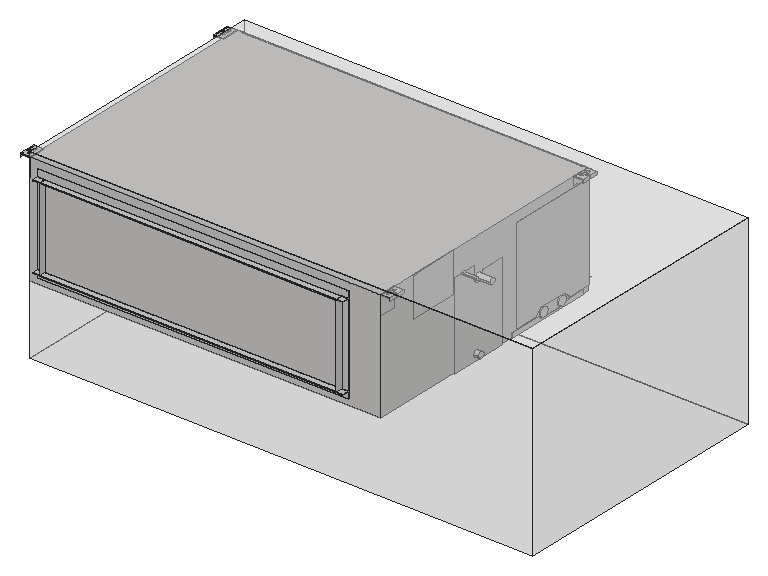
Revit family "outputfile", category 機械設備, Revit 2024
Family settings
  丸型コネクタ寸法 = 半径を使用
  パーツ タイプ = 標準
  OmniClass 番号 = 23.75.10.24.21.27.27
  OmniClass タイトル = Split System Air Conditioning Units
  作業面ベース = いいえ
  常に垂直 = はい
  ロード時にボイドで切り取り = いいえ
  注釈の向きを維持 = いいえ
  共有 = いいえ
  部屋計算ポイント = はい
Parameters (values of type "FXMQ250PVM")
  Description = ""
  製造元 = "Daikin"
  書き出し IFC クラス(タイプ) = "IfcUnitaryEquipmentType"
  定義済み IFC タイプ(タイプ) = "AIRCONDITIONINGUNIT"
  Cost = 0
  モデル = "FXMQ250PVM"
  Type Comments = ""
  Keynote = ""
  Type Image = (empty or 0)
  Assembly Code = ""
  r_Liquid Pipe Size = Liquid Pipe Size / 2  # 4.75 mm
  r_Gas Pipe Size = Gas Pipe Size / 2  # 11.1 mm
  r_Drain Pipe Size = Drain Pipe Size / 2  # 12.5 mm
  lw_power = 10.0 mm  # constant formula
  lh_power = 30.0 mm  # constant formula
  lh_mountinghole1 = lh_mountinghole + [h***]  # 470.0 mm
  ld_power = 145.0 mm  # constant formula
  Voltage_comment_60Hz = "220-230"
  Voltage_comment_50Hz = "220-240"
  Voltage_60Hz = 220 V
  Voltage_50Hz = 230 V
  URL = ""
  Supply Air Direction [instance] = yes
  Sound Power Level_H speed (dB) = 0
  Phase_60Hz = 1
  Phase_50Hz = 1
  Minimum External Static Pressure = 50.00 Pa
  Minimum Circuit Amps_60Hz = 5.9 A
  Minimum Circuit Amps_50Hz = 5.9 A
  Maximum Fuse Amps_60Hz = 15.0 A
  Maximum Fuse Amps_50Hz = 15.0 A
  Maximum External Static Pressure = 250.00 Pa
  Material_Casing = DAIKIN_GalvanizedSteel_Casing_indoorunit
  lw_mountinghole = 1526.0 mm  # constant formula
  lh_gaspipe = 317.0 mm  # constant formula
  lh_mountinghole = 470.0 mm  # constant formula
  lh_liquidpipe = 364.0 mm  # constant formula
  lh_drainpipe = 30.0 mm  # constant formula
  lh_antena = Height - lh_mountinghole + 1.0 mm  # 1.0 mm
  ld_drainpipe = 600.0 mm  # constant formula
  ld_liquidpipe = 666.0 mm  # constant formula
  ld_gaspipe = 585.0 mm  # constant formula
  ld_mountinghole = 1028.0 mm  # constant formula
  h*** = 0.0 mm  # constant formula
  lw_liquidpipe = 65.0 mm  # constant formula
  lw_gaspipe = 65.0 mm  # constant formula
  lw_drainpipe = 29.0 mm  # constant formula
  Width = 1490.0 mm
  Version = "ver.1.0"
  Unit Type = "High Static Pressure Duct Type"
  Unit Mass Weight = 105.00 kg
  Unit Designation [instance] = ""
  Uniclass2015Version = "Products v1.30"
  Uniclass2015Title = "Variable refrigerant flow units"
  Uniclass2015Code = "Pr_70_65_03_94"
  Total Heating Capacity [instance] = 0.000 kW
  Total Cooling Capacity [instance] = 0.000 kW
  Sound Pressure Level_M speed (dBA) = 40
  Sound Pressure Level_L speed (dBA) = 37
  Sound Pressure Level_H speed (dBA) = 44
  Series = "VRV Fan Coil Unit"
  Sensible Cooling Capacity [instance] = 0.000 kW
  SA Duct Size Width = 1260.0 mm
  SA Duct Size Height = 352.0 mm
  Refrigerant Type = "R410A"
  RA Duct Size Width = 1390.0 mm  # constant formula
  RA Duct Size Height = 410.0 mm  # constant formula
  Power Input (Heating) = 0.650 kW
  Power Input (Cooling) = 0.670 kW
  Option Accessory 3 [instance] = ""
  Option Accessory 2 [instance] = ""
  Option Accessory 1 [instance] = ""
  Nominal Heating Capacity = 31.500 kW
  Nominal Cooling Capacity = 28.000 kW
  Minimum Airflow = 3480.00 m³/h
  Median Airflow = 4260.00 m³/h
  Maximum Airflow = 5040.00 m³/h
  Load Classification = HVAC
  Liquid Pipe Size = 9.5 mm
  Link_Nested Family [instance] = ""
  IfcVersion = "0"
  IfcExportType = "AIRCONDITIONINGUNIT"
  IfcExportAs = "IfcUnitaryEquipmentType"
  Height = 470.0 mm
  Heating Entering Wet Bulb Temperature [instance] = 0.00 °C
  Heating Entering Dry Bulb Temperature [instance] = 0.00 °C
  Heating Ambient Wet Bulb Temperature [instance] = 0.00 °C
  Heating Ambient Dry Bulb Temperature [instance] = 0.00 °C
  Heat Exchanger Type = "Cross Fin Coil"
  Gas Pipe Size = 22.2 mm
  Frequency_60Hz = 60 Hz
  Frequency_50Hz = 50 Hz
  Fan Type = "Sirocco Fan"
  Fan Drive = "Direct Drive"
  FCU Tag No. [instance] = ""
  Drain Pipe Size = 25.0 mm
  Design Supply Airflow [instance] = 0.00 m³/h
  Design Return Airflow [instance] = 0.00 m³/h
  Design External Static Pressure [instance] = 0.00 Pa
  Depth = 1100.0 mm
  既定の高さ = 0.0 mm
  Cooling Entering Wet Bulb Temperature [instance] = 0.00 °C
  Cooling Entering Dry Bulb Temperature [instance] = 0.00 °C
  Cooling Ambient Wet Bulb Temperature [instance] = 0.00 °C
  Cooling Ambient Dry Bulb Temperature [instance] = 0.00 °C
  Clearance visibility [instance] = yes
  Clearance Top = 20.0 mm
  Clearance Right = 650.0 mm
  Clearance Rear = 43.0 mm
  Clearance Left = 0.0 mm
  Clearance Front = 0.0 mm
  Clearance Bottom = 300.0 mm
Reference planes
  plane 1 "Center (Front/Back)": y = 0
  plane 2 "h": z = 0
  plane 3 "Center (Left/Right)": x = 0
  plane 4 "Back": y = 550
  plane 5 "Front": y = -550
  plane 6 "Left": x = -745
  plane 7 "Reight": x = 745
  plane 8 "Top": z = 0
  plane 9 "Bottom": z = -470
  plane 10 "lh_mountinghole": z = 0
  plane 11 "ld_mountinghole1": y = 514
  plane 12: y = 593
  plane 13: y = -550
  plane 14: x = -745
  plane 15: x = 1395
  plane 16: z = 20
  plane 17: z = -770
  plane 18 "ld_gaspipe": y = -35
  plane 19 "ld_liquidpipe": y = -116
  plane 20 "lw_liquidpipe": x = 810
  plane 21 "lw_gaspipe": x = 810
  plane 22 "lh_gaspipe": z = -153
  plane 23 "lh_liquidpipe": z = -106
  plane 24 "ld_drainpipe": y = -50
  plane 25 "lw_power": x = 755
  plane 26 "lh_drainpipe": z = -440
  plane 27 "ld_mountinghole2": y = -514
  plane 28: x = -763
  plane 29: y = -583.5
  plane 30 "lh_power": z = -440
  plane 31 "ld_power": y = 405
  plane 32 "lw_drainpipe": x = 774
  plane 33: z = -470
  plane 34: z = -40
  plane 35: z = -140
  plane 36: x = 763
  plane 37 "ld_SA": x = -50
  plane 38 "lh_SA": z = -239.5
  plane 39 "lh_RA": z = -235
Forms (mm)
  Extrusion 1, solid, material "DAIKIN_GalvanizedSteel_Casing_indoorunit" <- "Material_Casing"
    sketch origin (0, 0, 0) x (1, 0, 0) y (0, 1, 0)
      loop
        line (-745, 550) -> (-745, -550) -> (745, -550) -> (745, 550) -> (-745, 550)
    from -470 to 0
  Extrusion 2, solid
    sketch origin (0, 0, 0) x (0, 1, 0) y (0, 0, 1)
      loop
        circle (405, -440) r 18
      loop
        circle (308, -440) r 18
    from 745 to 755
  Extrusion 3, solid
    sketch origin (0, 0, 0) x (0, 1, 0) y (0, 0, 1)
      loop
        circle (-116, -106) r 4.75
    from 745 to 810
  Extrusion 4, solid
    sketch origin (0, 0, 0) x (0, 1, 0) y (0, 0, 1)
      loop
        circle (-35, -153) r 11.1
    from 745 to 810
  Extrusion 5, solid
    sketch origin (0, 0, 0) x (0, 1, 0) y (0, 0, 1)
      loop
        circle (-50, -440) r 12.5
    from 745 to 774
  Extrusion 6, solid, material "DAIKIN_GalvanizedSteel_Casing_indoorunit" <- "Material_Casing"
    sketch origin (0, 0, 0) x (0, 1, 0) y (0, 0, 1)
      loop
        line (-160, -470) -> (90, -470) -> (90, -140) -> (-12, -140) -> (-12, -156)
        arc (-12, -156) -> (-35, -179) -> (-58, -156) r 23
        line (-58, -156) -> (-58, -106) -> (-109, -106)
        arc (-109, -106) -> (-116, -113) -> (-123, -106) r 7
        line (-123, -106) -> (-160, -106) -> (-160, -470)
      loop
        line (550, -40) -> (170, -40) -> (170, -445) -> (270.5, -445) -> (298.5, -417) -> (421.5, -417) -> (449.5, -445) -> (550, -445) -> (550, -40)
      loop
        line (145, -470) -> (520, -470) -> (520, -450) -> (427.5, -450) -> (414.473, -463.027) -> (298.527, -463.027) -> (285.5, -450) -> (145, -450) -> (145, -470)
      loop
        line (-380, 0) -> (-380, -165) -> (-170, -165) -> (-170, 0) -> (-380, 0)
    from 745 to 750
Dimensions and locks
  "Height": plane 8 "Top" to plane 9 "Bottom"
  equal spacing: plane 4 "Back", plane 1 "Center (Front/Back)", plane 5 "Front"
  "Depth": plane 4 "Back" to plane 5 "Front"
  equal spacing: plane 6 "Left", plane 3 "Center (Left/Right)", plane 7 "Reight"
  "Width": plane 6 "Left" to plane 7 "Reight"
  "Clearance Left": plane 14 to plane 6 "Left"
  "Clearance Right": plane 7 "Reight" to plane 15
  "Clearance Rear": plane 12 to plane 4 "Back"
  "Clearance Front": plane 5 "Front" to plane 13
  "Clearance Top": plane 16 to plane 8 "Top"
  "Clearance Bottom": plane 9 "Bottom" to plane 17
  "lh_mountinghole": plane 10 "lh_mountinghole" to plane 9 "Bottom"
  "lh_gaspipe": plane 22 "lh_gaspipe" to plane 9 "Bottom"
  "lh_liquidpipe": plane 23 "lh_liquidpipe" to plane 9 "Bottom"
  "lh_drainpipe": plane 26 "lh_drainpipe" to plane 9 "Bottom"
  equal spacing: plane 27 "ld_mountinghole2", plane 1 "Center (Front/Back)", plane 11 "ld_mountinghole1"
  "ld_mountinghole": plane 27 "ld_mountinghole2" to plane 11 "ld_mountinghole1"
  "lh_power": plane 30 "lh_power" to plane 9 "Bottom"
  "ld_drainpipe": plane 4 "Back" to plane 24 "ld_drainpipe"
  "ld_liquidpipe": plane 4 "Back" to plane 19 "ld_liquidpipe"
  "ld_gaspipe": plane 4 "Back" to plane 18 "ld_gaspipe"
  "ld_power": plane 4 "Back" to plane 31 "ld_power"
  "lw_liquidpipe": plane 7 "Reight" to plane 20 "lw_liquidpipe"
  "lw_gaspipe": plane 7 "Reight" to plane 21 "lw_gaspipe"
  "lw_power": plane 7 "Reight" to plane 25 "lw_power"
  "lw_drainpipe": plane 7 "Reight" to plane 32 "lw_drainpipe"
  locked: plane 9 "Bottom" to plane 33
  plane 34 to plane 33 = 430.0 mm
  locked: plane 35 to plane 33 at 330
  equal spacing: plane 28, plane 3 "Center (Left/Right)", plane 36
  "lw_mountinghole": plane 28 to plane 36
  locked: plane 37 "ld_SA" to plane 6 "Left" at 695
  locked: plane 8 "Top" to plane 38 "lh_SA" at 239.5
  locked: plane 8 "Top" to plane 39 "lh_RA" at 235
  radius of Extrusion 2 sketch curve = 18.0 mm
  "r_Liquid Pipe Size": radius of Extrusion 3 sketch curve
  "r_Gas Pipe Size": radius of Extrusion 4 sketch curve
  "r_Drain Pipe Size": radius of Extrusion 5 sketch curve
  aligned and locked: level to plane 2 "h"
  aligned and locked: plane 8 "Top" to Extrusion 1
  aligned and locked: Extrusion 1 to plane 9 "Bottom"
  aligned and locked: plane 3 "Center (Left/Right)" to nested 1
  aligned and locked: plane 1 "Center (Front/Back)" to nested 1
  aligned and locked: plane 11 "ld_mountinghole1" to nested 4
  aligned and locked: plane 28 to nested 4
  aligned and locked: nested 3 to plane 27 "ld_mountinghole2"
  aligned and locked: plane 28 to nested 3
  aligned and locked: nested 2 to plane 27 "ld_mountinghole2"
  aligned and locked: plane 11 "ld_mountinghole1" to nested 5
  aligned and locked: Extrusion 1 to plane 6 "Left"
  aligned and locked: Extrusion 2 to plane 7 "Reight"
  aligned and locked: plane 23 "lh_liquidpipe" to Extrusion 3 sketch curve
  aligned and locked: plane 19 "ld_liquidpipe" to Extrusion 3 sketch curve
  aligned and locked: Extrusion 3 to plane 7 "Reight"
  aligned and locked: plane 20 "lw_liquidpipe" to Extrusion 3
  aligned and locked: plane 22 "lh_gaspipe" to Extrusion 4 sketch curve
  aligned and locked: plane 18 "ld_gaspipe" to Extrusion 4 sketch curve
  aligned and locked: Extrusion 4 to plane 7 "Reight"
  aligned and locked: plane 21 "lw_gaspipe" to Extrusion 4
  aligned and locked: plane 25 "lw_power" to Extrusion 2
  aligned and locked: plane 30 "lh_power" to Extrusion 2 sketch curve
  aligned and locked: plane 31 "ld_power" to Extrusion 2 sketch curve
  aligned and locked: plane 26 "lh_drainpipe" to Extrusion 5 sketch curve
  aligned and locked: Extrusion 5 sketch curve to plane 24 "ld_drainpipe"
  aligned and locked: Extrusion 5 to plane 7 "Reight"
  aligned and locked: plane 32 "lw_drainpipe" to Extrusion 5
  aligned and locked: Extrusion 6 sketch curve to plane 9 "Bottom"
  aligned and locked: Extrusion 6 to plane 7 "Reight"
  aligned and locked: Extrusion 6 sketch curve to plane 33
  aligned and locked: plane 34 to Extrusion 6 sketch curve
  aligned and locked: Extrusion 6 sketch curve to plane 23 "lh_liquidpipe"  (x2)
  aligned and locked: plane 35 to Extrusion 6 sketch curve
  aligned and locked: plane 7 "Reight" to nested 6
  aligned and locked: plane 30 "lh_power" to nested 6
  aligned and locked: nested 6 to plane 24 "ld_drainpipe"
  aligned and locked: plane 7 "Reight" to nested 7
  aligned and locked: plane 18 "ld_gaspipe" to nested 7
  aligned and locked: plane 22 "lh_gaspipe" to nested 7
  aligned and locked: plane 7 "Reight" to nested 8
  aligned and locked: plane 19 "ld_liquidpipe" to nested 8
  aligned and locked: plane 23 "lh_liquidpipe" to nested 8
  aligned and locked: nested 5 to plane 36
  aligned and locked: nested 2 to plane 36
  aligned and locked: plane 7 "Reight" to nested 9
  aligned and locked: plane 31 "ld_power" to nested 9
  aligned and locked: plane 30 "lh_power" to nested 9
  aligned and locked: plane 12 to nested 10
  aligned and locked: plane 14 to nested 10
  aligned and locked: nested 10 to plane 13
  aligned and locked: plane 15 to nested 10
  aligned and locked: plane 16 to nested 10
  aligned and locked: plane 17 to nested 10
  aligned and locked: nested 11 to plane 27 "ld_mountinghole2"
  aligned and locked: plane 7 "Reight" to nested 11
  aligned and locked: plane 10 "lh_mountinghole" to nested 11
  aligned and locked: plane 27 "ld_mountinghole2" to nested 12
  aligned and locked: nested 12 to plane 6 "Left"
  aligned and locked: nested 12 to plane 10 "lh_mountinghole"
  aligned and locked: plane 11 "ld_mountinghole1" to nested 13
  aligned and locked: nested 13 to plane 7 "Reight"
  aligned and locked: plane 10 "lh_mountinghole" to nested 13
  aligned and locked: nested 14 to plane 11 "ld_mountinghole1"
  aligned and locked: nested 14 to plane 6 "Left"
  aligned and locked: nested 14 to plane 10 "lh_mountinghole"
  aligned and locked: plane 10 "lh_mountinghole" to Extrusion 6 sketch curve
  aligned and locked: plane 38 "lh_SA" to nested 15
  aligned and locked: nested 15 to plane 37 "ld_SA"
  aligned and locked: nested 15 to plane 5 "Front"
  aligned and locked: nested 16 to plane 3 "Center (Left/Right)"
  aligned and locked: nested 16 to plane 39 "lh_RA"
  aligned and locked: nested 16 to plane 4 "Back"
  aligned and locked: nested 17 to plane 5 "Front"
  aligned and locked: plane 37 "ld_SA" to nested 17
  aligned and locked: plane 38 "lh_SA" to nested 17
  aligned and locked: nested 18 to plane 4 "Back"
  aligned and locked: nested 18 to plane 3 "Center (Left/Right)"
  aligned and locked: plane 39 "lh_RA" to nested 18
  aligned and locked: level to plane 8 "Top"
Automatic sketch dimensions
  plane 6 "Left" to Extrusion 1 sketch curve = 0.0 mm
  Extrusion 1 sketch curve to plane 7 "Reight" = 0.0 mm
  Extrusion 1 sketch curve to plane 4 "Back" = 0.0 mm
  Extrusion 1 sketch curve to plane 5 "Front" = 0.0 mm
  Extrusion 2 sketch curve to Extrusion 2 sketch curve = 97.0 mm
  Extrusion 6 sketch curve to plane 19 "ld_liquidpipe" = 0.0 mm
  Extrusion 6 sketch curve to plane 18 "ld_gaspipe" = 0.0 mm
  Extrusion 6 sketch curve to plane 4 "Back" = 0.0 mm
  Extrusion 6 sketch curve to Extrusion 6 sketch curve = 7.0 mm
  Extrusion 6 sketch curve to plane 19 "ld_liquidpipe" = 44.0 mm
  Extrusion 6 sketch curve to plane 22 "lh_gaspipe" = 12.0 mm
  Extrusion 6 sketch curve to plane 19 "ld_liquidpipe" = 54.0 mm
  plane 27 "ld_mountinghole2" to Extrusion 6 sketch curve = 134.0 mm
  Extrusion 6 sketch curve to plane 22 "lh_gaspipe" = 3.0 mm
  Extrusion 6 sketch curve to plane 24 "ld_drainpipe" = 8.0 mm
  Extrusion 6 sketch curve to plane 1 "Center (Front/Back)" = 90.0 mm
  Extrusion 6 sketch curve to Extrusion 6 sketch curve = 55.0 mm
  Extrusion 6 sketch curve to Extrusion 6 sketch curve = 80.0 mm
  Extrusion 6 sketch curve to Extrusion 6 sketch curve = 100.5 mm
  Extrusion 6 sketch curve to Extrusion 6 sketch curve = 15.0 mm
  Extrusion 6 sketch curve to Extrusion 6 sketch curve = 13.0 mm
  plane 9 "Bottom" to Extrusion 6 sketch curve = 6.973 mm
  Extrusion 6 sketch curve to Extrusion 6 sketch curve = 13.027 mm  (x2)
  plane 31 "ld_power" to Extrusion 6 sketch curve = 9.473 mm
  plane 31 "ld_power" to Extrusion 6 sketch curve = 16.5 mm
  Extrusion 6 sketch curve to Extrusion 6 sketch curve = 22.0 mm
  Extrusion 6 sketch curve to plane 11 "ld_mountinghole1" = 6.0 mm
  Extrusion 2 sketch curve to plane 26 "lh_drainpipe" = 0.0 mm
  Extrusion 6 sketch curve to plane 26 "lh_drainpipe" = 10.0 mm  (x2)
  Extrusion 6 sketch curve to plane 26 "lh_drainpipe" = 5.0 mm  (x2)
  plane 26 "lh_drainpipe" to Extrusion 6 sketch curve = 23.0 mm
  radius of Extrusion 2 sketch curve = 18.0 mm
Nested families
  nested 1: "daikin_△_symbolicline" at (0, 0, 470), built-in parameter 1001364 <- "Height", visible <- "Supply Air Direction", type "daikin_△_symbolicline"
    with length 400.0 mm
  nested 2: "daikin_mountinghole" at (763, -514, -470), l_antenna <- "lh_antena", Link_Nested Family <- "Link_Nested Family", h_mountinghole <- "lh_mountinghole1", type "daikin_mountinghole"
    with show yes, l_antenna 1.0 mm, h_mountinghole 470.0 mm, Link_Nested Family ""
  nested 3: "daikin_mountinghole" at (-763, -514, -470), l_antenna <- "lh_antena", Link_Nested Family <- "Link_Nested Family", h_mountinghole <- "lh_mountinghole1", type "daikin_mountinghole"
    with show yes, l_antenna 1.0 mm, h_mountinghole 470.0 mm, Link_Nested Family ""
  nested 4: "daikin_mountinghole" at (-763, 514, -470), h_mountinghole <- "lh_mountinghole1", l_antenna <- "lh_antena", Link_Nested Family <- "Link_Nested Family", type "daikin_mountinghole"
    with show yes, l_antenna 1.0 mm, h_mountinghole 470.0 mm, Link_Nested Family ""
  nested 5: "daikin_mountinghole" at (763, 514, -470), l_antenna <- "lh_antena", Link_Nested Family <- "Link_Nested Family", h_mountinghole <- "lh_mountinghole1", type "daikin_mountinghole"
    with show yes, l_antenna 1.0 mm, h_mountinghole 470.0 mm, Link_Nested Family ""
  nested 6: "daikin_connector_rotate2" at (745, -50, -440) x (0, 1, 0) z (0, 0, 1), length <- "lw_drainpipe", radius <- "r_Drain Pipe Size", type "daikin_connector_rotate2"
    with radius 12.5 mm, length 29.0 mm, angle_vertical 90.00°, show_face no
  nested 7: "daikin_connector_rotate2" at (745, -35, -153) x (0, 1, 0) z (0, 0, 1), length <- "lw_gaspipe", radius <- "r_Gas Pipe Size", type "daikin_connector_rotate2"
    with radius 11.1 mm, length 65.0 mm, angle_vertical 90.00°, show_face no
  nested 8: "daikin_connector_rotate2" at (745, -116, -106) x (0, 1, 0) z (0, 0, 1), length <- "lw_liquidpipe", radius <- "r_Liquid Pipe Size", type "daikin_connector_rotate2"
    with radius 4.75 mm, length 65.0 mm, angle_vertical 90.00°, show_face no
  nested 9: "daikin_connector_rotate2" at (745, 405, -440) x (0, 1, 0) z (0, 0, 1), length <- "lw_power", type "daikin_connector_rotate2"
    with radius 18.0 mm, length 10.0 mm, angle_vertical 90.00°, show_face no
  nested 10: "daikin_clearancespace" at (325, 21.5, -374.881), visible <- "Clearance visibility", show <- "Clearance visibility", Link_Nested Family <- "Link_Nested Family", type "daikin_clearancespace"
    with width 2140.0 mm, show yes, height 790.0 mm, depth 1143.0 mm, Link_Nested Family ""
  nested 11: "daikin_hangerfixture_FXMQ-PVM" at (745, -514, 0), type "daikin_hangerfixture_FXMQ-PVM"
  nested 12: "daikin_hangerfixture_FXMQ-PVM" at (-745, -514, 0) x (-1, 0, 0) z (0, 0, 1), type "daikin_hangerfixture_FXMQ-PVM"
  nested 13: "daikin_hangerfixture_FXMQ-PVM1" at (745, 514, 0), type "daikin_hangerfixture_FXMQ-PVM1"
  nested 14: "daikin_hangerfixture_FXMQ-PVM1" at (-745, 514, 0) x (-1, 0, 0) z (0, 0, 1), type "daikin_hangerfixture_FXMQ-PVM1"
  nested 15: "daikin_ductflange_FXMQ-PVM" at (-50, -550, -445.5), material <- "Material_Casing", type "daikin_ductflange_FXMQ-PVM"
    with width 1320.0 mm, material DAIKIN_GalvanizedSteel_Casing_indoorunit, height 412.0 mm, depth 30.0 mm
  nested 16: "daikin_ductflange_FXMQ-PVM" at (0, 550, -470), material <- "Material_Casing", type "daikin_ductflange_FXMQ-PVM"
    with width 1450.0 mm, material DAIKIN_GalvanizedSteel_Casing_indoorunit, height 470.0 mm, depth 43.0 mm
  nested 17: "daikin_connector_rotate2" at (-50, -550, -239.5), type "daikin_connector_rotate2"
    with radius 10.0 mm, length 30.0 mm, angle_vertical 90.00°, show_face no
  nested 18: "daikin_connector_rotate2" at (0, 550, -235), type "daikin_connector_rotate2"
    with radius 10.0 mm, length 43.0 mm, angle_vertical 90.00°, show_face no
Connectors
  piping at (774, -50, -440), diameter 25, driven by "r_Drain Pipe Size"
    settings: on nested 6, index 5, connector inside diameter 609.6 mm, connector length 0.0 mm, flow factor 0, pipe flow 0.00 m³/h, pressure drop 0.0 Pa, fitting loss kfactor 0, connector angle 0.00°, fixture units 0, engagement length 0.0 mm, angle of deflection 0.00°, flow configuration 1, flow direction 2, fitting loss method 4, system type 16, joint type 0, gender type 0, connector reference index -1, connector utility 0, adjustable connector no, is connector primary yes, connector description "Condensate Drain Piping"
  piping at (810, -35, -153), diameter 22.2, driven by "r_Gas Pipe Size"
    settings: on nested 7, index 6, connector inside diameter 609.6 mm, connector length 0.0 mm, flow factor 0, pipe flow 0.00 m³/h, pressure drop 0.0 Pa, fitting loss kfactor 0, connector angle 0.00°, fixture units 0, engagement length 0.0 mm, angle of deflection 0.00°, flow configuration 1, flow direction 2, fitting loss method 0, system type 29, joint type 0, gender type 0, connector reference index -1, connector utility 0, adjustable connector no, is connector primary no, connector description "Refrigerant Gas Piping"
  piping at (810, -116, -106), diameter 9.5, driven by "r_Liquid Pipe Size"
    settings: on nested 8, index 7, connector inside diameter 609.6 mm, connector length 0.0 mm, flow factor 0, pipe flow 0.00 m³/h, pressure drop 0.0 Pa, fitting loss kfactor 0, connector angle 0.00°, fixture units 0, engagement length 0.0 mm, angle of deflection 0.00°, flow configuration 1, flow direction 1, fitting loss method 0, system type 29, joint type 0, gender type 0, connector reference index -1, connector utility 0, adjustable connector no, is connector primary no, connector description "Refrigerant Liquid Piping"
  electrical at (755, 405, -440), driven by "Load Classification"
    settings: on nested 9, index 8, voltage 0 V, apparent load 0 VA, apparent load phase1 0 VA, apparent load phase2 0 VA, apparent load phase3 0 VA, power factor 1, load classification "HVAC", number of poles 1, system type 30, power factor state 1, is connector primary yes, connector utility no, sub classification motor no, connector description "Power Supply"
  hvac at (-50, -580, -239.5), driven by "SA Duct Size Height", driven by "SA Duct Size Width"
    settings: on nested 17, index 9, duct flow 0.00 m³/h, flow factor 0, pres drop 0.00 Pa, loss coef 0, conn angle 0.00°, conn width 1260.0 mm, conn height 352.0 mm, conn diameter 609.6 mm, duct sys type 1, conn prof type 1, flow config 0, flow direction 2, loss method 4, conn ref index -1, conn util no, is conn primary yes, conn desc "SA Duct"
  hvac at (0, 593, -235), driven by "RA Duct Size Height", driven by "RA Duct Size Width"
    settings: on nested 18, index 10, duct flow 0.00 m³/h, flow factor 0, pres drop 0.00 Pa, loss coef 0, conn angle 0.00°, conn width 1390.0 mm, conn height 410.0 mm, conn diameter 609.6 mm, duct sys type 2, conn prof type 1, flow config 0, flow direction 1, loss method 4, conn ref index -1, conn util no, is conn primary no, conn desc "RA Duct"
Definition of nested family "daikin_clearancespace"
  Parameters (values of type "daikin_clearancespace")
    width [instance] = 1823.963 mm
    show [instance] = yes
    material = none
    height [instance] = 1359.762 mm
    depth [instance] = 880.0 mm
    Default Elevation = 0.0 mm
    Link_Nested Family [instance] = ""
  Reference planes
    plane 1 "Center (Front/Back)": y = 0
    plane 2 "Center (Elevation)": z = -0.119
    plane 3 "Center (Left/Right)": x = 0
    plane 4: y = 440
    plane 5: y = -440
    plane 6 "Right": x = 911.982
    plane 7 "Left": x = -911.982
    plane 8 "Top": z = 679.762
    plane 9 "Bottom": z = -680
  Forms (mm)
    Extrusion 1, solid, material <- "material", visible <- "show"
      sketch origin (0, 0, 0) x (1, 0, 0) y (0, 1, 0)
        loop
          line (-911.982, 440) -> (-911.982, -440) -> (911.982, -440) -> (911.982, 440) -> (-911.982, 440)
      from -680 to 679.762
  Lines and regions (mm)
    symbolic lines, visible <- "show"
      curve 1: line (911.982, 440, 0) -> (-911.982, 440, 0)
      curve 2: line (-911.982, 440, 0) -> (-911.982, -440, 0)
      curve 3: line (-911.982, -440, 0) -> (911.982, -440, 0)
      curve 4: line (911.982, -440, 0) -> (911.982, 440, 0)
      curve 5: line (911.982, 0, 679.762) -> (-911.982, 0, 679.762)
      curve 6: line (911.982, 0, -680) -> (911.982, 0, 679.762)
      curve 7: line (-911.982, 0, -680) -> (911.982, 0, -680)
      curve 8: line (-911.982, 0, 679.762) -> (-911.982, 0, -680)
      curve 9: line (0, 440, 679.762) -> (0, -440, 679.762)
      curve 10: line (0, -440, 679.762) -> (0, -440, -680)
      curve 11: line (0, 440, -680) -> (0, 440, 679.762)
      curve 12: line (0, -440, -680) -> (0, 440, -680)
  Dimensions and locks
    "width": plane 7 "Left" to plane 6 "Right"
    "depth": plane 4 to plane 5
    "height": plane 8 "Top" to plane 9 "Bottom"
    equal spacing: plane 7 "Left", plane 3 "Center (Left/Right)", plane 6 "Right"
    equal spacing: plane 4, plane 1 "Center (Front/Back)", plane 5
    equal spacing: plane 8 "Top", plane 2 "Center (Elevation)", plane 9 "Bottom"
    aligned and locked: level to plane 2 "Center (Elevation)"
    aligned and locked: Extrusion 1 sketch curve to plane 4
    aligned and locked: plane 7 "Left" to Extrusion 1 sketch curve
    aligned and locked: Extrusion 1 sketch curve to plane 5
    aligned and locked: Extrusion 1 sketch curve to plane 6 "Right"
    aligned and locked: plane 8 "Top" to Extrusion 1
    aligned and locked: curve 1 to Extrusion 1
    aligned and locked: curve 2 to Extrusion 1
    aligned and locked: curve 3 to Extrusion 1
    aligned and locked: curve 4 to Extrusion 1
    aligned and locked: curve 5 to Extrusion 1
    aligned and locked: curve 6 to Extrusion 1
    aligned and locked: curve 7 to Extrusion 1
    aligned and locked: curve 8 to Extrusion 1
    aligned and locked: curve 9 to Extrusion 1
    aligned and locked: curve 10 to Extrusion 1
    aligned and locked: curve 11 to Extrusion 1
    aligned and locked: curve 12 to Extrusion 1
    aligned and locked: Extrusion 1 to plane 9 "Bottom"
Definition of nested family "daikin_hangerfixture_FXMQ-PVM"
  Parameters (values of type "daikin_hangerfixture_FXMQ-PV1A")
    width = 41.0 mm
    material = none
    height = 80.0 mm
    depth = 72.0 mm
    Default Elevation = 0.0 mm
  Reference planes
    plane 1 "Center (Front/Back)": y = 0
    plane 2: z = 0
    plane 3 "Center (Left/Right)": x = 0
    plane 4: y = 417.146
    plane 5: z = -2
    plane 6: z = -65
    plane 7: z = -12
    plane 8: x = 41
    plane 9: y = 36
    plane 10: y = -36
    plane 11: z = -80
    plane 12: x = 1.5
    plane 13: x = 39
  Forms (mm)
    Extrusion 1, solid, material <- "material"
      sketch origin (0, 0, 0) x (1, 0, 0) y (0, 1, 0)
        loop
          line (0, 36) -> (0, -36) -> (41, -36) -> (41, -5.025) -> (24, -5.025) -> (24, -15.3)
          arc (24, -15.3) -> (18, -21.3) -> (12, -15.3) r 6
          line (12, -15.3) -> (12, 15.3)
          arc (12, 15.3) -> (18, 21.3) -> (24, 15.3) r 6
          line (24, 15.3) -> (24, 5) -> (41, 5) -> (41, 36) -> (0, 36)
      from -2 to 0
    Extrusion 2, solid, material <- "material"
      sketch origin (0, 0, 0) x (0, 1, 0) y (0, 0, 1)
        loop
          line (36, -75.411) -> (36, 0) -> (-36, 0) -> (-36, -75.411)
          arc (-36, -75.411) -> (-34.656, -78.656) -> (-31.411, -80) r 4.589
          line (-31.411, -80) -> (31.411, -80)
          arc (31.411, -80) -> (34.656, -78.656) -> (36, -75.411) r 4.589
      from 0 to 1.5
    Extrusion 3, solid, material <- "material"
      sketch origin (0, 0, 0) x (0, 1, 0) y (0, 0, 1)
        loop
          line (-5.025, -9.007) -> (-5.025, 0) -> (-36, 0) -> (-36, -9.007)
          arc (-36, -9.007) -> (-35.123, -11.123) -> (-33.007, -12) r 2.993
          line (-33.007, -12) -> (-8.018, -12)
          arc (-8.018, -12) -> (-5.902, -11.123) -> (-5.025, -9.007) r 2.993
        loop
          arc (5, -9.007) -> (5.877, -11.123) -> (7.993, -12) r 2.993
          line (7.993, -12) -> (33.007, -12)
          arc (33.007, -12) -> (35.123, -11.123) -> (36, -9.007) r 2.993
          line (36, -9.007) -> (36, 0) -> (5, 0) -> (5, -9.007)
      from 41 to 39
  Cuts and joins
    joined: Extrusion 1, Extrusion 2, Extrusion 3
  Dimensions and locks
    "width": plane 3 "Center (Left/Right)" to plane 8
    "depth": plane 10 to plane 9
    equal spacing: plane 10, plane 1 "Center (Front/Back)", plane 9
    "height": level to plane 11
    locked: plane 12 to plane 3 "Center (Left/Right)" at 1.5
    locked: plane 2 to plane 5 at 2
    locked: plane 8 to plane 13 at 2
    aligned and locked: level to plane 2
    aligned and locked: level to Extrusion 1
    aligned and locked: Extrusion 1 to plane 5
    aligned and locked: Extrusion 1 sketch curve to plane 3 "Center (Left/Right)"
    aligned and locked: level to Extrusion 2 sketch curve
    aligned and locked: plane 12 to Extrusion 2
    aligned and locked: Extrusion 3 sketch curve to level
    aligned and locked: level to Extrusion 3 sketch curve
    aligned and locked: plane 9 to Extrusion 1 sketch curve
    aligned and locked: Extrusion 1 sketch curve to plane 10
    aligned and locked: plane 11 to Extrusion 2 sketch curve
    aligned and locked: plane 8 to cut or joined group of Extrusion 1, Extrusion 2, Extrusion 3
    aligned and locked: cut or joined group of Extrusion 1, Extrusion 2, Extrusion 3 to plane 13
  Automatic sketch dimensions
    plane 9 to Extrusion 2 sketch curve = 4.589 mm
    Extrusion 2 sketch curve to plane 10 = 4.589 mm
    Extrusion 2 sketch curve to Extrusion 2 sketch curve = 4.589 mm
    Extrusion 2 sketch curve to plane 9 = 0.0 mm
    plane 10 to Extrusion 3 sketch curve = 0.0 mm
    Extrusion 3 sketch curve to plane 7 = 0.0 mm  (x2)
    Extrusion 3 sketch curve to plane 10 = 2.993 mm
    plane 7 to Extrusion 3 sketch curve = 2.993 mm  (x2)
    plane 1 "Center (Front/Back)" to Extrusion 3 sketch curve = 8.018 mm
    Extrusion 3 sketch curve to plane 1 "Center (Front/Back)" = 5.0 mm
    plane 9 to Extrusion 3 sketch curve = 2.993 mm
    Extrusion 3 sketch curve to plane 9 = 0.0 mm
    Extrusion 1 sketch curve to plane 8 = 0.0 mm  (x2)
    plane 1 "Center (Front/Back)" to Extrusion 1 sketch curve = 15.3 mm
    plane 1 "Center (Front/Back)" to Extrusion 1 sketch curve = 5.025 mm
    Extrusion 1 sketch curve to plane 1 "Center (Front/Back)" = 5.0 mm
    Extrusion 1 sketch curve to Extrusion 1 sketch curve = 10.3 mm
    Extrusion 1 sketch curve to Extrusion 1 sketch curve = 6.0 mm  (x2)
    plane 12 to Extrusion 1 sketch curve = 10.5 mm
Definition of nested family "daikin_hangerfixture_FXMQ-PVM1"
  Parameters (values of type "daikin_hangerfixture_FXMQ-PV1A2")
    width = 41.0 mm
    material = none
    height = 40.0 mm
    depth = 72.0 mm
    Default Elevation = 0.0 mm
  Reference planes
    plane 1 "Center (Front/Back)": y = 0
    plane 2: z = 0
    plane 3 "Center (Left/Right)": x = 0
    plane 4: y = 417.146
    plane 5: z = -2
    plane 6: z = -65
    plane 7: z = -12
    plane 8: x = 41
    plane 9: y = 36
    plane 10: y = -36
    plane 11: z = -40
    plane 12: x = 1.5
    plane 13: x = 39
  Forms (mm)
    Extrusion 1, solid, material <- "material"
      sketch origin (0, 0, 0) x (1, 0, 0) y (0, 1, 0)
        loop
          line (0, 36) -> (0, -36) -> (41, -36) -> (41, -5.025) -> (24, -5.025) -> (24, -15.3)
          arc (24, -15.3) -> (18, -21.3) -> (12, -15.3) r 6
          line (12, -15.3) -> (12, 15.3)
          arc (12, 15.3) -> (18, 21.3) -> (24, 15.3) r 6
          line (24, 15.3) -> (24, 5) -> (41, 5) -> (41, 36) -> (0, 36)
      from -2 to 0
    Extrusion 2, solid, material <- "material"
      sketch origin (0, 0, 0) x (0, 1, 0) y (0, 0, 1)
        loop
          line (36, -31.5) -> (36, 0) -> (-36, 0) -> (-36, -31.5)
          arc (-36, -31.5) -> (-35.414, -32.914) -> (-34, -33.5) r 2
          line (-34, -33.5) -> (-20.5, -33.5)
          arc (-20.5, -33.5) -> (-19.086, -34.086) -> (-18.5, -35.5) r 2
          line (-18.5, -35.5) -> (-18.5, -38)
          arc (-18.5, -38) -> (-17.914, -39.414) -> (-16.5, -40) r 2
          line (-16.5, -40) -> (16.5, -40)
          arc (16.5, -40) -> (17.914, -39.414) -> (18.5, -38) r 2
          line (18.5, -38) -> (18.5, -35.5)
          arc (18.5, -35.5) -> (19.086, -34.086) -> (20.5, -33.5) r 2
          line (20.5, -33.5) -> (34, -33.5)
          arc (34, -33.5) -> (35.414, -32.914) -> (36, -31.5) r 2
      from 0 to 1.5
    Extrusion 3, solid, material <- "material"
      sketch origin (0, 0, 0) x (0, 1, 0) y (0, 0, 1)
        loop
          line (-5.025, -9.007) -> (-5.025, 0) -> (-36, 0) -> (-36, -9.007)
          arc (-36, -9.007) -> (-35.123, -11.123) -> (-33.007, -12) r 2.993
          line (-33.007, -12) -> (-8.018, -12)
          arc (-8.018, -12) -> (-5.902, -11.123) -> (-5.025, -9.007) r 2.993
        loop
          arc (5, -9.007) -> (5.877, -11.123) -> (7.993, -12) r 2.993
          line (7.993, -12) -> (33.007, -12)
          arc (33.007, -12) -> (35.123, -11.123) -> (36, -9.007) r 2.993
          line (36, -9.007) -> (36, 0) -> (5, 0) -> (5, -9.007)
      from 41 to 39
  Cuts and joins
    joined: Extrusion 1, Extrusion 2, Extrusion 3
  Dimensions and locks
    "width": plane 3 "Center (Left/Right)" to plane 8
    "depth": plane 10 to plane 9
    equal spacing: plane 10, plane 1 "Center (Front/Back)", plane 9
    "height": level to plane 11
    locked: plane 12 to plane 3 "Center (Left/Right)" at 1.5
    locked: plane 2 to plane 5 at 2
    locked: plane 8 to plane 13 at 2
    aligned and locked: level to plane 2
    aligned and locked: level to Extrusion 1
    aligned and locked: Extrusion 1 to plane 5
    aligned and locked: Extrusion 1 sketch curve to plane 3 "Center (Left/Right)"
    aligned and locked: level to Extrusion 2 sketch curve
    aligned and locked: plane 12 to Extrusion 2
    aligned and locked: Extrusion 3 sketch curve to level
    aligned and locked: level to Extrusion 3 sketch curve
    aligned and locked: plane 9 to Extrusion 1 sketch curve
    aligned and locked: Extrusion 1 sketch curve to plane 10
    aligned and locked: plane 8 to cut or joined group of Extrusion 1, Extrusion 2, Extrusion 3
    aligned and locked: cut or joined group of Extrusion 1, Extrusion 2, Extrusion 3 to plane 13
  Automatic sketch dimensions
    plane 10 to Extrusion 3 sketch curve = 0.0 mm
    Extrusion 3 sketch curve to plane 7 = 0.0 mm  (x2)
    Extrusion 3 sketch curve to plane 10 = 2.993 mm
    plane 7 to Extrusion 3 sketch curve = 2.993 mm  (x2)
    plane 1 "Center (Front/Back)" to Extrusion 3 sketch curve = 8.018 mm
    Extrusion 3 sketch curve to plane 1 "Center (Front/Back)" = 5.0 mm
    plane 9 to Extrusion 3 sketch curve = 2.993 mm
    Extrusion 3 sketch curve to plane 9 = 0.0 mm
    Extrusion 1 sketch curve to plane 8 = 0.0 mm  (x2)
    plane 1 "Center (Front/Back)" to Extrusion 1 sketch curve = 15.3 mm
    plane 1 "Center (Front/Back)" to Extrusion 1 sketch curve = 5.025 mm
    Extrusion 1 sketch curve to plane 1 "Center (Front/Back)" = 5.0 mm
    Extrusion 1 sketch curve to Extrusion 1 sketch curve = 10.3 mm
    Extrusion 1 sketch curve to Extrusion 1 sketch curve = 6.0 mm  (x2)
    plane 12 to Extrusion 1 sketch curve = 10.5 mm
    Extrusion 2 sketch curve to plane 10 = 0.0 mm
    Extrusion 2 sketch curve to plane 11 = 0.0 mm
    Extrusion 2 sketch curve to plane 9 = 0.0 mm
    Extrusion 2 sketch curve to plane 10 = 2.0 mm
    plane 11 to Extrusion 2 sketch curve = 4.5 mm
    Extrusion 2 sketch curve to Extrusion 2 sketch curve = 13.5 mm
    Extrusion 2 sketch curve to Extrusion 2 sketch curve = 2.0 mm  (x3)
    plane 11 to Extrusion 2 sketch curve = 2.0 mm
    Extrusion 2 sketch curve to plane 1 "Center (Front/Back)" = 16.5 mm
    plane 9 to Extrusion 2 sketch curve = 2.0 mm
    Extrusion 2 sketch curve to Extrusion 2 sketch curve = 2.5 mm
Definition of nested family "daikin_ductflange_FXMQ-PVM"
  Parameters (values of type "daikin_ductflange_FXMQ_PVM")
    width [instance] = 1440.0 mm
    material [instance] = none
    height [instance] = 650.657 mm
    depth [instance] = 25.0 mm
    Default Elevation = 0.0 mm
  Reference planes
    plane 1 "Center (Front/Back)": y = 0
    plane 2: z = 0
    plane 3 "Center (Left/Right)": x = 0
    plane 4: y = -25
    plane 5: x = -720
    plane 6: x = 720
    plane 7 "Top": z = 650.657
    plane 8: y = -1
    plane 9: x = -690
    plane 10: x = 690
    plane 11: z = 620.657
    plane 12: z = 30
    plane 13 "Center (Elevation)": z = 325.328
  Forms (mm)
    Extrusion 1, solid, material <- "material"
      sketch origin (0, 0, 0) x (1, 0, 0) y (0, 0, 1)
        loop
          line (-720, 650.657) -> (-720, 0) -> (720, 0) -> (720, 650.657) -> (-720, 650.657)
        loop
          line (-690, 620.657) -> (-690, 30) -> (690, 30) -> (690, 620.657) -> (-690, 620.657)
      from 0 to 1
    Extrusion 2, solid, material <- "material"
      sketch origin (0, 0, 0) x (1, 0, 0) y (0, 1, 0)
        loop
          line (-690, -1) -> (-690.996, -1) -> (-690.996, -25) -> (-690, -25) -> (-690, -1)
        loop
          line (690, -1) -> (690, -25) -> (690.996, -25) -> (690.996, -1) -> (690, -1)
      from 30 to 620.657
    Extrusion 3, solid, material <- "material"
      sketch origin (0, 0, 0) x (0, 1, 0) y (0, 0, 1)
        loop
          line (-1, 620.657) -> (-1, 621.615) -> (-25, 621.615) -> (-25, 620.657) -> (-1, 620.657)
        loop
          line (-1, 30) -> (-25, 30) -> (-25, 29.042) -> (-1, 29.042) -> (-1, 30)
      from -720 to 720
  Cuts and joins
    joined: Extrusion 1, Extrusion 2, Extrusion 3
  Dimensions and locks
    "height": plane 7 "Top" to plane 2
    "width": plane 5 to plane 6
    equal spacing: plane 5, plane 3 "Center (Left/Right)", plane 6
    "depth": plane 1 "Center (Front/Back)" to plane 4
    locked: plane 8 to plane 1 "Center (Front/Back)" at 1
    locked: Extrusion 2 sketch curve to Extrusion 2 sketch curve at 0.996  (x2)
    locked: plane 7 "Top" to plane 11 at 30
    locked: plane 12 to plane 2 at 30
    equal spacing: plane 7 "Top", plane 13 "Center (Elevation)", plane 2
    locked: Extrusion 3 sketch curve to Extrusion 2 at 0.958  (x2)
    locked: plane 9 to plane 5 at 30
    locked: plane 6 to plane 10 at 30
    aligned and locked: level to plane 2
    aligned and locked: plane 5 to Extrusion 1 sketch curve
    aligned and locked: Extrusion 1 sketch curve to plane 6
    aligned and locked: plane 2 to Extrusion 1 sketch curve
    aligned and locked: Extrusion 1 to plane 8
    aligned and locked: Extrusion 2 sketch curve to plane 8
    aligned and locked: Extrusion 2 sketch curve to plane 9
    aligned and locked: plane 8 to Extrusion 2 sketch curve
    aligned and locked: Extrusion 2 sketch curve to plane 10
    aligned and locked: plane 11 to Extrusion 2
    aligned and locked: Extrusion 2 to plane 12
    aligned and locked: plane 8 to Extrusion 3 sketch curve
    aligned and locked: Extrusion 3 sketch curve to plane 11
    aligned and locked: Extrusion 3 sketch curve to plane 8
    aligned and locked: Extrusion 3 sketch curve to plane 12
    aligned and locked: Extrusion 3 to plane 5
    aligned and locked: plane 6 to Extrusion 3
    aligned and locked: plane 4 to Extrusion 2 sketch curve
    aligned and locked: Extrusion 2 sketch curve to plane 4
    aligned and locked: plane 4 to Extrusion 3 sketch curve
    aligned and locked: Extrusion 3 sketch curve to plane 4
    aligned and locked: plane 12 to Extrusion 1 sketch curve
    aligned and locked: Extrusion 1 sketch curve to plane 11
  Automatic sketch dimensions
    Extrusion 1 sketch curve to plane 10 = 0.0 mm
    Extrusion 1 sketch curve to plane 9 = 0.0 mm
    Extrusion 1 sketch curve to plane 7 "Top" = 0.0 mm
Definition of nested family "daikin_△_symbolicline"
  Parameters (values of type "daikin_△_symbolicline")
    length [instance] = 200.0 mm
    Default Elevation = 0.0 mm
  Reference planes
    plane 1 "Center (Front/Back)": y = 0
    plane 2: z = 0
    plane 3 "Center (Left/Right)": x = 0
  Lines and regions (mm)
    symbolic lines
      curve 1: line (0, -173.205, 0) -> (100, 0, 0)
      curve 2: line (100, 0, 0) -> (-100, 0, 0)
      curve 3: line (-100, 0, 0) -> (0, -173.205, 0)
  Dimensions and locks
    equal spacing: curve 3, plane 3 "Center (Left/Right)", curve 2
    "length": curve 3 to curve 2
    "length": curve 3 to curve 3
    "length": curve 1 to curve 1
    aligned and locked: level to plane 2
    aligned and locked: curve 2 to plane 1 "Center (Front/Back)"
    aligned and locked: plane 3 "Center (Left/Right)" to curve 3
Definition of nested family "daikin_mountinghole"
  Parameters (values of type "daikin_mountinghole")
    Default Elevation = 1219.2 mm
    Type Comments = "mountinghole"
    show [instance] = yes
    material = none
    l_centerline = 100.0 mm
    l_antenna [instance] = 100.0 mm
    h_mountinghole [instance] = 0.0 mm
    d_circle = 30.0 mm
    Link_Nested Family [instance] = ""
  Reference planes
    plane 1 "Center (Front/Back)": y = 0
    plane 2: z = 0
    plane 3 "Center (Left/Right)": x = 0
    plane 4: y = 50
    plane 5: x = -50
    plane 6: x = 50
    plane 7: y = -50
    plane 8 "h_mountinghole": z = 0
    plane 9: z = 100
  Lines and regions (mm)
    model lines, detail levels fine
      curve 1: circle (0, 0, 0) r 15 normal (0, 0, 1)
      curve 2: line (-50, 0, 0) -> (50, 0, 0)
      curve 3: line (0, 50, 0) -> (0, -50, 0)
    symbolic lines, detail levels fine
      curve 4: circle (0, 0, 0) r 15 normal (0, 0, 1)
      curve 5: line (-50, 0, 0) -> (50, 0, 0)
      curve 6: line (0, 50, 0) -> (0, -50, 0)
    model lines
      curve 7: line (0, 0, 100) -> (0, 0, 0)
  Dimensions and locks
    equal spacing: plane 4, plane 1 "Center (Front/Back)", plane 7
    "l_centerline": plane 4 to plane 7
    equal spacing: plane 5, plane 3 "Center (Left/Right)", plane 6
    "l_centerline": plane 5 to plane 6
    "l_antenna": plane 9 to plane 8 "h_mountinghole"
    "h_mountinghole": plane 8 "h_mountinghole" to plane 2
    "d_circle": diameter of curve 1
    "d_circle": diameter of curve 4
    aligned and locked: level to plane 2
    aligned and locked: plane 1 "Center (Front/Back)" to curve 1
    aligned and locked: plane 3 "Center (Left/Right)" to curve 1
    aligned and locked: plane 1 "Center (Front/Back)" to curve 2
    aligned and locked: curve 3 to plane 3 "Center (Left/Right)"
    aligned and locked: plane 6 to curve 2
    aligned and locked: plane 5 to curve 2
    aligned and locked: plane 4 to curve 3
    aligned and locked: plane 7 to curve 3
    aligned and locked: plane 1 "Center (Front/Back)" to curve 4
    aligned and locked: plane 3 "Center (Left/Right)" to curve 4
    aligned and locked: plane 6 to curve 5
    aligned and locked: plane 5 to curve 5
    aligned and locked: plane 1 "Center (Front/Back)" to curve 5
    aligned and locked: plane 4 to curve 6
    aligned and locked: plane 7 to curve 6
    aligned and locked: curve 6 to plane 3 "Center (Left/Right)"
    aligned and locked: curve 7 to plane 3 "Center (Left/Right)"
    aligned and locked: plane 9 to curve 7
    aligned and locked: plane 8 "h_mountinghole" to curve 7
Definition of nested family "daikin_connector_rotate2"
  Parameters (values of type "daikin_connector_rotate2")
    show_face = yes
    radius [instance] = 10.0 mm
    length [instance] = 600.0 mm
    d_surface = 10.0 mm
    angle_vertical [instance] = 90.00°
    Default Elevation = 0.0 mm
  Reference planes
    plane 1 "Center (Front/Back)": y = 0
    plane 2: z = 0
    plane 3 "Center (Left/Right)": x = 0
  Forms (mm)
    Extrusion 1, solid, visible <- "show_face"
      sketch origin (0, -600, 0) x (1, 0, 0) y (0, 0, 1)
        loop
          circle (0, 0) r 10
      from 0 to -10
  Lines and regions (mm)
    reference lines
      curve 1: line (0, 0, 0) -> (0, -600, 0)
    symbolic lines
      curve 2: circle (0, 0, 0) r 5 normal (0, 0, 1)
    model lines, visible <- "show_face"
      curve 3: line (0, 0, 0) -> (0, -600, 0)
  Dimensions and locks
    "length": curve 1 to curve 1
    "length": curve 3 to curve 3
    "d_surface": Extrusion 1 to Extrusion 1
    "radius": radius of Extrusion 1 sketch curve
    "angle_vertical": angle curve 1 to plane 1 "Center (Front/Back)"
    "angle_vertical": angle curve 3 to plane 1 "Center (Front/Back)"
    aligned and locked: level to plane 2
    aligned and locked: plane 1 "Center (Front/Back)" to curve 1
    aligned and locked: plane 2 to curve 1
    aligned and locked: plane 1 "Center (Front/Back)" to curve 2
    aligned and locked: plane 3 "Center (Left/Right)" to curve 2
    aligned and locked: plane 1 "Center (Front/Back)" to curve 3
    aligned and locked: plane 2 to curve 3
    aligned and locked: Extrusion 1 to Extrusion 1
  Automatic sketch dimensions
    Extrusion 1 sketch curve to level = 0.0 mm
    Extrusion 1 sketch curve to plane 3 "Center (Left/Right)" = 0.0 mm
    radius of curve 2 = 5.0 mm
